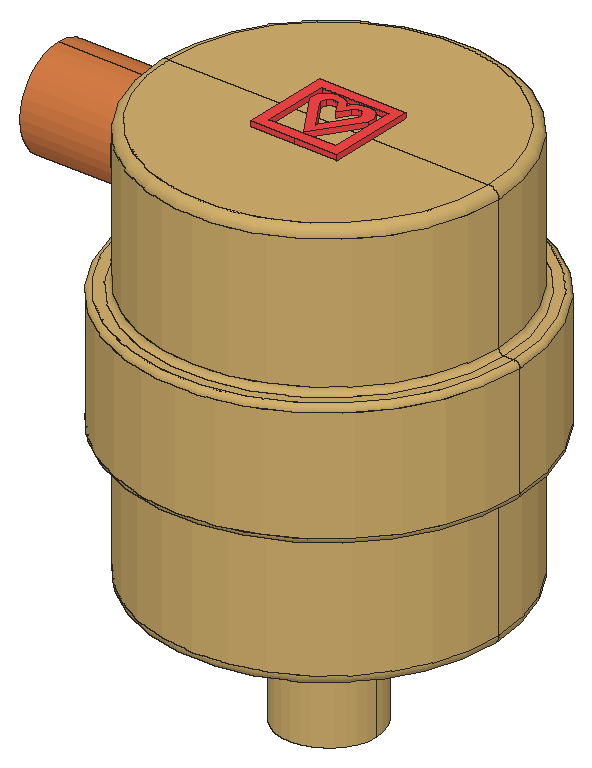
Revit family "Air Release Valve WE 2630 10", category Rohrzubehör, Revit 2020
Family settings
  Bemaßung runder Anschluss = Durchmesser verwenden
  Teiletyp = Normal
  OmniClass-Nummer = 23.65.55.14
  OmniClass-Titel = Valves for Liquid Services
  Arbeitsebenenbasiert = Nein
  Immer vertikal = Ja
  Beim Laden mit Abzugskörper schneiden = Nein
  Gemeinsam genutzt = Nein
Parameters
  Vorgabe-Ansicht = 0.000 mm
  Part number [instance] = if(Nennweite = 10.000 mm, 1263010, 0)  # 1263010
  Float ball = "polypropylene"  # constant formula
  SCRNSEQ = "AWI;AWI_TYP=\"1013\";1"
  SCRNCODE = "05;14;01"  # constant formula
  S03 = 24.500 mm  # constant formula
  S02 = 11.000 mm  # constant formula
  S01 = 56.000 mm  # constant formula
  min. Operating temperature = 0 °C  # constant formula
  max. Structual pressure = 1000000.0 Pa  # constant formula
  max. Operating temperature = 110 °C  # constant formula
  URL = "www.herzvalves.com"
  R02 = 0.600 mm  # constant formula
  R01 = 1.000 mm  # constant formula
  Nennweite [instance] = 10.000 mm  # constant formula
  Medium = "heating water quality according to ÖNORM H5195 or VDI-Standard 2035.\r\nthe use of ethylene or propylene glycol in a mixing ratio 25-50% is allowed.\r\nplease refer to manufacturers documentation when using ethylene glycol products for frost and corrosion protection.\r\nthe HERZ air vent is not suitable for usage of aggressive medium (such as: acids, alkalis, combustible and explosive gases..) because it can damage the sealing components."
  max. Operating pressure = 1000000.0 Pa  # constant formula
  L04 = L02 - L03  # 18.800 mm
  L03 = 9.500 mm  # constant formula
  L02 = 28.300 mm  # constant formula
  L01 = 4.000 mm  # constant formula
  Hersteller = "Herz-Armaturen GmbH"  # constant formula
  H08 = H00 - 1.000 mm  # 55.000 mm
  H07 = H00 - 7.500 mm  # 48.500 mm
  H06 = 2.500 mm  # constant formula
  H05 = 9.000 mm  # constant formula
  H04 = 14.500 mm  # constant formula
  H03 = 15.500 mm  # constant formula
  H02 = 13.000 mm  # constant formula
  H01 = 9.500 mm  # constant formula
  H00 = 56.000 mm  # constant formula
  Housing = "forged brass acc. to EN 12165, CW617N"  # constant formula
  G1 [instance] = Nennweite / 2  # 5.000 mm
  Sealing = "EPDM"  # constant formula
  Lid = "forged brass acc. to EN 12165, CW617N"  # constant formula
  D06 = 3.400 mm  # constant formula
  D05 = 5.100 mm  # constant formula
  D04 = 12.500 mm  # constant formula
  D03 = 11.000 mm  # constant formula
  D02 = 20.000 mm  # constant formula
  D01 = 17.800 mm  # constant formula
  External threaded connectors = "acc. to ISO 228"  # constant formula
  Field of application = "HERZ - Air vent is used for venting of the central heating installations.\r\nthe air vent should be placed nearby the boiler or at the highest points of installation.\r\ninstallations must be carried out in such a way that the retention of air bubbles in a certain part of installation is not possible.\r\nbefore usage, unscrew the polypropylene cover cap on the lid for 2 to 3 turns.\r\nin case of uncontrolled medium leakage, tighten the cover cap.\r\nthe air vent must be cleaned or replaced.\r\nwe always recommend to use backflow preventer for easy service and replacement of the air vent.\r\nthe air vents 1 2630 1X have a STOP function that prevents the entry of ambient air into the central heating installation."
  Cover cap = "ABS plastic, red colour"  # constant formula
Reference planes
  plane 1 "Mitte (Vorne/hinten)": y = 0
  plane 2: z = 0
  plane 3 "Mitte (Links/rechts)": x = 0
Forms (mm)
  Revolve 1, solid, material "Messing", detail levels fine
    sketch origin (0, 0, 0) x (1, 0, 0) y (0, 0, 1)
      loop
        line (0, 56) -> (-16.8, 56)
        arc (-16.8, 56) -> (-17.507, 55.707) -> (-17.8, 55) r 1
        line (-17.8, 55) -> (-17.8, 41.1)
        arc (-17.8, 41.1) -> (-17.976, 40.676) -> (-18.4, 40.5) r 0.6
        line (-18.4, 40.5) -> (-19.4, 40.5)
        arc (-19.4, 40.5) -> (-19.824, 40.324) -> (-20, 39.9) r 0.6
        line (-20, 39.9) -> (-20, 28.1)
        arc (-20, 28.1) -> (-19.824, 27.676) -> (-19.4, 27.5) r 0.6
        line (-19.4, 27.5) -> (-18.4, 27.5)
        arc (-18.4, 27.5) -> (-17.976, 27.324) -> (-17.8, 26.9) r 0.6
        line (-17.8, 26.9) -> (-17.8, 14)
        arc (-17.8, 14) -> (-17.507, 13.293) -> (-16.8, 13) r 1
        line (-16.8, 13) -> (-13.8, 13) -> (-9, 9.5) -> (-5, 9.5) -> (-5, 0) -> (0, 0) -> (0, 56)
      axis (0, 56) -> (0, 0)
    angle from 0 to 360
  Revolve 2, solid, material "Messing", detail levels fine
    sketch origin (0, 0, 0) x (1, 0, 0) y (0, 0, 1)
      loop
        line (0, 48.5) -> (0, 51.9) -> (-18.8, 51.9) -> (-18.8, 48.5) -> (0, 48.5)
      axis (-18.8, 48.5) -> (0, 48.5)
    angle from 0 to 360
  Revolve 3, solid, material "Kunststoff-Orange", detail levels fine
    sketch origin (0, 0, 0) x (1, 0, 0) y (0, 0, 1)
      loop
        line (-28.3, 48.5) -> (-18.8, 48.5) -> (-18.8, 53.6) -> (-28.3, 53.6) -> (-28.3, 48.5)
      axis (-28.3, 48.5) -> (-18.8, 48.5)
    angle from 0 to 360
Lines and regions (mm)
  model lines, detail levels coarse+medium
    curve 1: line (0, 0, 56) -> (-12.587, 0, 43.413)
    curve 2: line (0, 0, 56) -> (12.587, 0, 43.413)
    curve 3: circle (0, 0, 31.5) r 11 normal (0, -1, 0)
    curve 4: line (0, 0, 42.5) -> (0, 0, 56)
    curve 5: line (0, 0, 20.5) -> (0, 0, 0)
    curve 6: line (0, 0, 56) -> (0, -12.587, 43.413)
    curve 7: line (0, 0, 56) -> (0, 12.587, 43.413)
    curve 8: circle (0, 0, 31.5) r 11 normal (1, 0, 0)
    curve 9: line (0, 56, 0) -> (-12.587, 43.413, 0)
    curve 10: line (0, 56, 0) -> (12.587, 43.413, 0)
    curve 11: circle (0, 31.5, 0) r 11 normal (0, 0, 1)
    curve 12: line (0, 42.5, 0) -> (0, 56, 0)
    curve 13: line (0, 20.5, 0) -> (0, 0, 0)
Dimensions and locks
  "H02": Revolve 1 sketch curve to Revolve 1 sketch curve
  "H03": Revolve 1 sketch curve to Revolve 1 sketch curve
  "H04": Revolve 1 sketch curve to Revolve 1 sketch curve
  "L01": Revolve 1 sketch curve to Revolve 1 sketch curve  (x2)
  "D01": Revolve 1 sketch curve to Revolve 1 sketch curve  (x2)
  "D02": Revolve 1 sketch curve to Revolve 1 sketch curve
  "H07": Revolve 2 sketch curve to plane 2
  "D06": Revolve 2 sketch curve to Revolve 2 sketch curve
  "L02": plane 3 "Mitte (Links/rechts)" to Revolve 3 sketch curve
  "L03": Revolve 3 sketch curve to Revolve 3 sketch curve
  "D05": Revolve 3 sketch curve to Revolve 3 sketch curve
  "H07": Revolve 3 sketch curve to plane 2
  "L04": plane 3 "Mitte (Links/rechts)" to Revolve 2 sketch curve
  "H08": nested 1 to plane 2
  "G1": Revolve 1 sketch curve to Revolve 1 sketch curve
  "H00": Revolve 1 sketch curve to Revolve 1 sketch curve
  "H01": Revolve 1 sketch curve to Revolve 1 sketch curve
  "S01": curve 2 to plane 2
  "D01": curve 1 to curve 4
  "D01": curve 2 to curve 2
  "S03": curve 4 to curve 3
  "D01": curve 6 to curve 6
  "D01": curve 7 to curve 7
  "S03": curve 7 to curve 8
  "S01": curve 7 to plane 2
  "S01": plane 1 "Mitte (Vorne/hinten)" to curve 12
  "S03": curve 12 to curve 11
  "D01": curve 9 to curve 9
  "D01": curve 10 to curve 10
  "R01": radius of Revolve 1 sketch curve  (x2)
  "R02": radius of Revolve 1 sketch curve  (x4)
  "S02": radius of curve 3
  "S02": radius of curve 8
  "S02": radius of curve 11
  angle curve 1 to curve 4 = 45.00°
  angle curve 4 to curve 2 = 45.00°
  angle curve 6 to plane 1 "Mitte (Vorne/hinten)" = 45.00°
  angle plane 1 "Mitte (Vorne/hinten)" to curve 7 = 45.00°
  angle curve 9 to curve 12 = 45.00°
  angle curve 12 to curve 10 = 45.00°
  aligned and locked: level to plane 2
Automatic sketch dimensions
  curve 7 to plane 1 "Mitte (Vorne/hinten)" = 0.000 mm
  curve 8 to plane 1 "Mitte (Vorne/hinten)" = 0.000 mm
  curve 1 to plane 3 "Mitte (Links/rechts)" = 0.000 mm
  curve 5 to plane 3 "Mitte (Links/rechts)" = 0.000 mm
  curve 3 to plane 3 "Mitte (Links/rechts)" = 0.000 mm
  curve 5 to level = 0.000 mm
  curve 9 to plane 3 "Mitte (Links/rechts)" = 0.000 mm
  curve 13 to plane 3 "Mitte (Links/rechts)" = 0.000 mm
  curve 11 to plane 3 "Mitte (Links/rechts)" = 0.000 mm
  plane 1 "Mitte (Vorne/hinten)" to curve 13 = 0.000 mm
  Revolve 1 sketch curve to level = 0.000 mm
  Revolve 1 sketch curve to plane 3 "Mitte (Links/rechts)" = 0.000 mm
  plane 3 "Mitte (Links/rechts)" to Revolve 1 sketch curve = 0.000 mm
  Revolve 1 sketch curve to Revolve 1 sketch curve = 2000.000 mm
  Revolve 1 sketch curve to Revolve 1 sketch curve = 1932.500 mm
  Revolve 2 sketch curve to plane 3 "Mitte (Links/rechts)" = 0.000 mm  (x2)
  Revolve 2 sketch curve to Revolve 2 sketch curve = 0.000 mm  (x2)
  Revolve 3 sketch curve to Revolve 3 sketch curve = 0.000 mm  (x3)
Nested families
  nested 1: "Herz-Logo" at (0, 0, 55), type "Herz-Logo", detail levels fine
Connectors
  piping at (0, 0, 0), diameter 10, driven by "Nennweite"
    settings: on Revolve 1, index 1, connector inside diameter 609.6 mm, connector length 0.000 mm, flow factor 0, pipe flow 0.0 L/s, pressure drop 0.0 Pa, fitting loss kfactor 0, connector angle 0.00°, fixture units 0, engagement length 0.000 mm, angle of deflection 0.00°, flow configuration 0, flow direction 1, fitting loss method 0, system type 29, joint type 0, gender type 0, connector reference index -1, connector utility 0, adjustable connector no, is connector primary yes, connector description ""
Definition of nested family "Herz-Logo"
  Parameters (values of type "Herz-Logo")
    Default Elevation = 0.000 mm
  Reference planes
    plane 1 "Mitte (Vorne/hinten)": y = 0
    plane 2: z = 0
    plane 3 "Mitte (Links/rechts)": x = 0
  Forms (mm)
    Extrusion 1, solid
      sketch origin (0, 0, 0) x (1, 0, 0) y (0, 1, 0)
        loop
          line (-0.018, -4.517) -> (4.482, -4.517) -> (4.482, 4.483) -> (-4.518, 4.483) -> (-4.518, -4.517) -> (-0.018, -4.517)
        loop
          line (-0.05, -3.48) -> (3.482, -3.48) -> (3.482, 3.483) -> (-3.518, 3.483) -> (-3.518, -3.48) -> (-0.05, -3.48)
        loop
          arc (-0.018, 2.383) -> (-1.543, 3.287) -> (-3.067, 2.383) r 1.738
          arc (-3.067, 2.383) -> (-3.191, 1.899) -> (-3.067, 1.415) r 1.009
          line (-3.067, 1.415) -> (-0.018, -3.281) -> (3.032, 1.415)
          arc (3.032, 1.415) -> (3.156, 1.899) -> (3.032, 2.383) r 1.009
          arc (3.032, 2.383) -> (1.507, 3.287) -> (-0.018, 2.383) r 1.738
        loop
          arc (1.885, 1.272) -> (2.005, 1.675) -> (1.885, 2.079) r 0.74
          arc (1.885, 2.079) -> (1.265, 2.416) -> (0.644, 2.079) r 0.74
          line (0.644, 2.079) -> (-0.018, 0.97) -> (-0.679, 2.079)
          arc (-0.679, 2.079) -> (-1.3, 2.416) -> (-1.921, 2.079) r 0.74
          arc (-1.921, 2.079) -> (-2.04, 1.675) -> (-1.921, 1.272) r 0.74
          line (-1.921, 1.272) -> (-0.018, -1.658) -> (1.885, 1.272)
      from 0 to 1.5
  Dimensions and locks
    aligned and locked: level to plane 2
